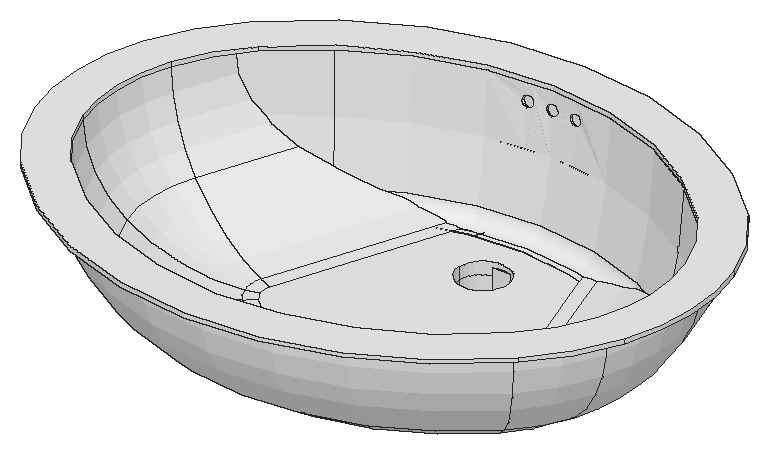
Revit family "Basin-Undermount-American_Standard-Ovalyn-9482000_Series", category Plumbing Fixtures, Revit 2018
Family settings
  Round Connector Dimension = Use Radius
  Part Type = Normal
  OmniClass Number = 23.45.05.14.14
  OmniClass Title = Sinks/Lavatories
  Work Plane-Based = Yes
  Always vertical = No
  Cut with Voids When Loaded = Yes
  Shared = Yes
  Room Calculation Point = No
Parameters (values of type "9482.000.020")
  Width = 19 1/4"
  Waste Connection Radius = 5/8"
  Waste Connection Height = 21 3/4"
  Waste Connection Diameter = Waste Connection Radius * 2  # 1 1/4"
  Waste Connection = yes
  WFU = 2
  Vent Connection = no
  URL = "http://www.americanstandard-us.com"
  Type Comments = ""
  Revised Date = "04/26/2022"  # constant formula
  Product Page URL = "https://www.americanstandard-us.com/Commercial-Undermount-Sinks/Ovalyn-Universal-Access-Undermount-Sink/WHITE-9482000020"
  Product Documentation Link = "https://americanstandard.box.com/shared/static/itva3adt7bid29431zcazen98eizxvuw.pdf"
  Price = "Prices may vary. Please consult Manufacturer Representative for most up-to-date price list."  # constant formula
  Model = "9482.000.020"
  Material = "Vitreous China-American Standard-020-White"
  Manufacturer = "American Standard"  # constant formula
  Length = 15 3/4"
  Installation Type = "Undercounter"  # constant formula
  IAPMO Compliance = "Meets or Exceeds: ASME A112.19.2M for Vitreous China Fixtures, CAN/CSA B45 series, 1995 National Building Code, section 3.7,and CAN/CSA-B651-M90 and OBC 3.7."  # constant formula
  Hot Water Connection Width = 4"
  Hot Water Connection Radius = 1/4"
  Hot Water Connection Height = 23 1/2"
  Hot Water Connection Diameter = Hot Water Connection Radius * 2  # 1/2"
  Height = 5 1/2"
  HWFU = 1.5
  HW Connection = yes
  Finish = Vitreous China-American Standard-020-White
  Faucet Hole Diameter = 1 7/16"
  Description = "Ovalyn Universal Access undercounter sink"  # constant formula
  Default Elevation = 34"  # constant formula
  Creation Date = "30/10/2014"  # constant formula
  Bowl Width = 16 3/4"
  Bowl Length = 13 1/4"
  Cold Water Connection Width = 4"
  Cold Water Connection Radius = 1/4"
  Cold Water Connection Height = Hot Water Connection Height  # 23 1/2"
  Cold Water Connection Diameter = Cold Water Connection Radius * 2  # 1/2"
  CWFU = 1.5
  CW Connection = yes
  Bowl Depth = 4"
  Basin Shape = "Oval"  # constant formula
  Assembly Code = "D2010310"
  ADA Compliant = yes
  047194-0070A- Mounting Kit = yes
Reference planes (in)
  plane 1 "Center (Front/Back)": y = 0
  plane 2: z = 0
  plane 3 "Center (Left/Right)": x = 0
  plane 4: z = -34
  plane 5: y = -2
  plane 6: y = -4.75
  plane 7: y = -18
  plane 8: y = -3.5
  plane 9: y = -19.25
  plane 10: y = -11.375
  plane 11: y = -7.5
  plane 12: x = -9.625
  plane 13: x = 9.625
  plane 14: z = -10.5
  plane 15: x = -4
  plane 16: x = 4
  plane 17: z = -6.25
  plane 18: x = -8.375
  plane 19: x = 8.375
  plane 20: z = -0.875
  plane 21: z = -4.75
  plane 22: z = -2.75
  plane 23: z = 0.25
  plane 24: z = -12.25
  plane 25: y = -6.25
  plane 26: z = -4.75
  plane 27: z = -4.875
Forms (in)
  Extrusion 1, solid, material "Vitreous China-American Standard-020-White" <- "Finish", not visible
    sketch origin (0, 0, -0.75) x (1, 0, 0) y (0, 0, 1)
      loop
        circle (-4, -9.75) r 0.25
      loop
        circle (4, -9.75) r 0.25
      loop
        circle (0.0003499, -11.500652) r 0.625
    from 0 to 0.0625
  Extrusion 2, solid, material "Vitreous China-American Standard-020-White" <- "Finish"
    sketch origin (0, 0, -0.75) x (1, 0, 0) y (0, 1, 0)
      loop
        arc (9.2482739, -9.2367068) -> (8.6512254, -7.9791492) -> (7.8072704, -6.8720548) r 6.7023519
        arc (7.8072704, -6.8720548) -> (0, -3.5) -> (-7.8072704, -6.8720548) r 10.7240582
        arc (-7.8072704, -6.8720548) -> (-8.6512254, -7.9791492) -> (-9.2482739, -9.2367068) r 6.7023519
        arc (-9.2482739, -9.2367068) -> (-9.614469, -11.375) -> (-9.2482739, -13.5132932) r 6.426079
        arc (-9.2482739, -13.5132932) -> (-8.6512254, -14.7708508) -> (-7.8072704, -15.8779452) r 6.7023519
        arc (-7.8072704, -15.8779452) -> (0, -19.25) -> (7.8072704, -15.8779452) r 10.7240582
        arc (7.8072704, -15.8779452) -> (8.6512254, -14.7708508) -> (9.2482739, -13.5132932) r 6.7023519
        arc (9.2482739, -13.5132932) -> (9.614469, -11.375) -> (9.2482739, -9.2367068) r 6.426079
      loop
        arc (-6.8972522, -7.7290069) -> (-7.5838081, -8.6296263) -> (-8.0695061, -9.6526473) r 5.4523519
        arc (-8.0695061, -9.6526473) -> (-8.364469, -11.375) -> (-8.0695061, -13.0973527) r 5.176079
        arc (-8.0695061, -13.0973527) -> (-7.5838081, -14.1203737) -> (-6.8972522, -15.0209931) r 5.4523519
        arc (-6.8972522, -15.0209931) -> (0, -18) -> (6.8972522, -15.0209931) r 9.4740582
        arc (6.8972522, -15.0209931) -> (7.5838081, -14.1203737) -> (8.0695061, -13.0973527) r 5.4523519
        arc (8.0695061, -13.0973527) -> (8.364469, -11.375) -> (8.0695061, -9.6526473) r 5.176079
        arc (8.0695061, -9.6526473) -> (7.5838081, -8.6296263) -> (6.8972522, -7.7290069) r 5.4523519
        arc (6.8972522, -7.7290069) -> (0, -4.75) -> (-6.8972522, -7.7290069) r 9.4740582
    from -0.125 to 0
  Sweep 3, solid, material "Vitreous China-American Standard-020-White" <- "Finish"
    path origin (0, 0, -0.75) x (1, 0, 0) y (0, 1, 0)
      loop
        line (5.8984804, -3.5) -> (8.0695061, -9.6526473)
        arc (8.0695061, -9.6526473) -> (8.364469, -11.375) -> (8.0695061, -13.0973527) r 5.176079
        arc (8.0695061, -13.0973527) -> (7.5838081, -14.1203737) -> (6.8972522, -15.0209931) r 5.4523519
        arc (6.8972522, -15.0209931) -> (0, -18) -> (-6.8972522, -15.0209931) r 9.4740582
        arc (-6.8972522, -15.0209931) -> (-7.5838081, -14.1203737) -> (-8.0695061, -13.0973527) r 5.4523519
        arc (-8.0695061, -13.0973527) -> (-8.364469, -11.375) -> (-8.0695061, -9.6526473) r 5.176079
        line (-8.0695061, -9.6526473) -> (-5.8984804, -3.5)
    profile origin (8.364469, -11.375, -0.75) x (1, 0, 0) y (0, 0, 1)
      loop
        line (-5.0570095, -4.125) -> (-5.0570095, -4.5021978) -> (-4.5570095, -4.5021978)
        arc (-4.5570095, -4.5021978) -> (-2.7076081, -4.1945435) -> (-1.0574115, -3.3047189) r 5.7124777
        arc (-1.0574115, -3.3047189) -> (0.0932602, -1.8956562) -> (0.5107287, -0.125) r 4.0482297
        line (0.5107287, -0.125) -> (0.010531, -0.125)
        arc (0.010531, -0.125) -> (-0.3076131, -1.5255964) -> (-1.1306453, -2.7026708) r 3.7360696
        arc (-1.1306453, -2.7026708) -> (-2.538089, -3.6634173) -> (-4.1837862, -4.1056987) r 5.0893656
        arc (-4.1837862, -4.1056987) -> (-4.3880057, -4.120172) -> (-4.5926805, -4.125) r 4.3408162
        line (-4.5926805, -4.125) -> (-5.0570095, -4.125)
  Sweep 4, solid, material "Vitreous China-American Standard-020-White" <- "Finish"
    path origin (0, 0, -0.75) x (1, 0, 0) y (0, 1, 0)
      loop
        line (-10.1670958, -9.8137926) -> (-5.4740393, -6.491486)
        arc (-5.4740393, -6.491486) -> (0, -4.75) -> (5.4740393, -6.491486) r 9.4740582
        line (5.4740393, -6.491486) -> (10.1670958, -9.8137926)
    profile origin (0, -4.75, -0.75) x (0, 1, 0) y (0, 0, 1)
      loop
        arc (-0.4856749, -3.7148213) -> (-0.6786864, -4.0103651) -> (-1.0125402, -4.125) r 0.5434626
        line (-1.0125402, -4.125) -> (-1.196087, -4.125) -> (-1.196087, -4.4375) -> (-0.9838032, -4.4375)
        arc (-0.9838032, -4.4375) -> (-0.4812744, -4.2652079) -> (-0.1901745, -3.8208199) r 0.8190153
        arc (-0.1901745, -3.8208199) -> (0.1670418, -1.987308) -> (0.3125687, -0.125) r 16.33301
        line (0.3125687, -0.125) -> (0, -0.125)
        arc (0, -0.125) -> (-0.1410457, -1.9336823) -> (-0.4856749, -3.7148213) r 16.02051
  Sweep 5, void
    path origin (0, 0, -0.75) x (1, 0, 0) y (0, 1, 0)
      loop
        line (-10.1670958, -9.8137926) -> (-5.4740393, -6.491486)
        arc (-5.4740393, -6.491486) -> (0, -4.75) -> (5.4740393, -6.491486) r 9.4740582
        line (5.4740393, -6.491486) -> (10.1670958, -9.8137926)
    profile origin (0, -4.75, -0.75) x (0, 1, 0) y (0, 0, 1)
      loop
        line (-1.0514677, -4.4057108) -> (-1.0514677, -5.75) -> (3.1985323, -5.75) -> (3.1985323, -0.125) -> (0.2806397, -0.125)
        arc (0.2806397, -0.125) -> (0.1384875, -1.9361499) -> (-0.2039277, -3.7203089) r 16.33301
        arc (-0.2039277, -3.7203089) -> (-0.5130799, -4.2047415) -> (-1.0514677, -4.4057108) r 0.9058992
  Extrusion 6, solid, material "Vitreous China-American Standard-020-White" <- "Finish"
    sketch origin (0, 0, -0.75) x (1, 0, 0) y (0, 1, 0)
      loop
        circle (0, -7.5) r 0.75
      loop
        arc (-3.3006742, -11.3353794) -> (-3.3074594, -11.375) -> (-3.3006742, -11.4146206) r 0.1190694
        arc (-3.3006742, -11.4146206) -> (-3.2654569, -11.4887984) -> (-3.2156757, -11.5541011) r 0.3953424
        arc (-3.2156757, -11.5541011) -> (0, -12.9429905) -> (3.2156757, -11.5541011) r 4.4170487
        arc (3.2156757, -11.5541011) -> (3.2654569, -11.4887984) -> (3.3006742, -11.4146206) r 0.3953424
        arc (3.3006742, -11.4146206) -> (3.3074594, -11.375) -> (3.3006742, -11.3353794) r 0.1190694
        line (3.3006742, -11.3353794) -> (1.4437765, -6.0729653)
        arc (1.4437765, -6.0729653) -> (0, -5.946087) -> (-1.4437765, -6.0729653) r 8.2779712
        line (-1.4437765, -6.0729653) -> (-3.3006742, -11.3353794)
    from -4.5021978 to -4.125
  Revolve 7, solid, material "Vitreous China-American Standard-020-White" <- "Finish"
    sketch origin (0, -7.5, -0.75) x (1, 0, 0) y (0, 0, 1)
      loop
        line (-0.75, -4.5021978) -> (-1.6759395, -4.5021978) -> (-1.536427, -5.293412)
        arc (-1.536427, -5.293412) -> (-1.450922, -5.4415111) -> (-1.2902251, -5.5) r 0.25
        line (-1.2902251, -5.5) -> (-0.75, -5.5) -> (-0.75, -4.5021978)
      axis (0, -5.5) -> (0, -4.5021978)
    angle from 0 to 360
  Sweep 8, solid, material "Vitreous China-American Standard-020-White" <- "Finish"
    path origin (0, 0, -0.75) x (0, 1, 0) y (0, 0, 1)
      loop
        arc (-4.1249178, -0.125) -> (-4.2138092, -2.0169343) -> (-4.5742571, -3.8763413) r 13.1164451
        arc (-4.5742571, -3.8763413) -> (-5.0585066, -4.5987943) -> (-5.8822188, -4.8779615) r 1.3548084
        line (-5.8822188, -4.8779615) -> (-6.8080633, -4.8779615)
    profile origin (0, -6.345141, -5.6279615) x (0, 0, -1) y (1, 0, 0)
      loop
        line (-0.5989268, -1.125) -> (0.0578333, -1.125)
        arc (0.0578333, -1.125) -> (0.23461, -1.0517767) -> (0.3078333, -0.875) r 0.25
        line (0.3078333, -0.875) -> (0.3078333, 0.875)
        arc (0.3078333, 0.875) -> (0.23461, 1.0517767) -> (0.0578333, 1.125) r 0.25
        line (0.0578333, 1.125) -> (-0.5989268, 1.125) -> (-0.5989268, -1.125)
  Extrusion 9, void
    sketch origin (0, 0, -0.75) x (1, 0, 0) y (0, 0, 1)
      loop
        circle (0, -0.6727263) r 0.1747602
      loop
        circle (0.75, -0.6727263) r 0.1747602
      loop
        circle (-0.75, -0.6727263) r 0.1747602
    from 4.2308345 to 7.0625
  Extrusion 10, void
    sketch origin (0, 0, -0.75) x (1, 0, 0) y (0, 1, 0)
      loop
        arc (-6.8062504, -7.8147021) -> (-7.4770664, -8.6946741) -> (-7.9516294, -9.6942413) r 5.3273519
        arc (-7.9516294, -9.6942413) -> (-8.239469, -11.375) -> (-7.9516294, -13.0557587) r 5.051079
        arc (-7.9516294, -13.0557587) -> (-7.4770664, -14.0553259) -> (-6.8062504, -14.9352979) r 5.3273519
        arc (-6.8062504, -14.9352979) -> (0, -17.875) -> (6.8062504, -14.9352979) r 9.3490582
        arc (6.8062504, -14.9352979) -> (7.4770664, -14.0553259) -> (7.9516294, -13.0557587) r 5.3273519
        arc (7.9516294, -13.0557587) -> (8.239469, -11.375) -> (7.9516294, -9.6942413) r 5.051079
        arc (7.9516294, -9.6942413) -> (7.4770664, -8.6946741) -> (6.8062504, -7.8147021) r 5.3273519
        arc (6.8062504, -7.8147021) -> (0, -4.875) -> (-6.8062504, -7.8147021) r 9.3490582
    from 1 to -5.5
  Sweep 11, void
    path origin (0, 0, -0.75) x (1, 0, 0) y (0, 1, 0)
      loop
        line (5.8984804, -3.5) -> (8.0695061, -9.6526473)
        arc (8.0695061, -9.6526473) -> (8.364469, -11.375) -> (8.0695061, -13.0973527) r 5.176079
        arc (8.0695061, -13.0973527) -> (7.5838081, -14.1203737) -> (6.8972522, -15.0209931) r 5.4523519
        arc (6.8972522, -15.0209931) -> (0, -18) -> (-6.8972522, -15.0209931) r 9.4740582
        arc (-6.8972522, -15.0209931) -> (-7.5838081, -14.1203737) -> (-8.0695061, -13.0973527) r 5.4523519
        arc (-8.0695061, -13.0973527) -> (-8.364469, -11.375) -> (-8.0695061, -9.6526473) r 5.176079
        line (-8.0695061, -9.6526473) -> (-5.8984804, -3.5)
    profile origin (8.364469, -11.375, -0.75) x (1, 0, 0) y (0, 0, 1)
      loop
        line (-5.0570095, -4.5021978) -> (-5.0570095, -5.2521978) -> (4.4429905, -5.2521978) -> (4.4429905, -0.125) -> (0.5107287, -0.125)
        arc (0.5107287, -0.125) -> (0.0932602, -1.8956562) -> (-1.0574115, -3.3047189) r 4.0482297
        arc (-1.0574115, -3.3047189) -> (-2.7076081, -4.1945435) -> (-4.5570095, -4.5021978) r 5.7124777
        line (-4.5570095, -4.5021978) -> (-5.0570095, -4.5021978)
  Extrusion 12, void
    sketch origin (0, 0, 0) x (1, 0, 0) y (0, 1, 0)
      loop
        circle (0, -2) r 0.71875
    from -5.2521978 to 1.677248
Cuts and joins
  Extrusion 9, Sweep 11 cuts Sweep 4
  joined: Sweep 4, Revolve 7
  Sweep 5, Extrusion 9 cuts Sweep 3
  joined: Extrusion 2, Sweep 3, Extrusion 6
Lines and regions (in)
  Masking region 1
    outline origin (0, 0, 0) x (1, 0, 0) y (0, 1, 0)
      loop
        arc (7.8072704, -6.8720548) -> (0, -3.5) -> (-7.8072704, -6.8720548) r 10.7240582
        arc (-7.8072704, -6.8720548) -> (-8.6512254, -7.9791492) -> (-9.2482739, -9.2367068) r 6.7023519
        arc (-9.2482739, -9.2367068) -> (-9.614469, -11.375) -> (-9.2482739, -13.5132932) r 6.426079
        arc (-9.2482739, -13.5132932) -> (-8.6512254, -14.7708508) -> (-7.8072704, -15.8779452) r 6.7023519
        arc (-7.8072704, -15.8779452) -> (0, -19.25) -> (7.8072704, -15.8779452) r 10.7240582
        arc (7.8072704, -15.8779452) -> (8.6512254, -14.7708508) -> (9.2482739, -13.5132932) r 6.7023519
        arc (9.2482739, -13.5132932) -> (9.614469, -11.375) -> (9.2482739, -9.2367068) r 6.426079
        arc (9.2482739, -9.2367068) -> (8.6512254, -7.9791492) -> (7.8072704, -6.8720548) r 6.7023519
  symbolic lines, style "PlumbingFixturesHiddenLines", detail levels medium+fine
    curve 1: arc (-6.8062504, -7.8147021, 0) -> (-7.4770664, -8.6946741, 0) -> (-7.9516294, -9.6942413, 0) r 5.3273519
    curve 2: arc (-7.9516294, -9.6942413, 0) -> (-8.239469, -11.375, 0) -> (-7.9516294, -13.0557587, 0) r 5.051079
    curve 3: arc (-7.9516294, -13.0557587, 0) -> (-7.4770664, -14.0553259, 0) -> (-6.8062504, -14.9352979, 0) r 5.3273519
    curve 4: arc (-6.8062504, -14.9352979, 0) -> (0, -17.875, 0) -> (6.8062504, -14.9352979, 0) r 9.3490582
    curve 5: arc (6.8062504, -14.9352979, 0) -> (7.4770664, -14.0553259, 0) -> (7.9516294, -13.0557587, 0) r 5.3273519
    curve 6: arc (7.9516294, -13.0557587, 0) -> (8.239469, -11.375, 0) -> (7.9516294, -9.6942413, 0) r 5.051079
    curve 7: arc (7.9516294, -9.6942413, 0) -> (7.4770664, -8.6946741, 0) -> (6.8062504, -7.8147021, 0) r 5.3273519
    curve 8: arc (6.8062504, -7.8147021, 0) -> (0, -4.875, 0) -> (-6.8062504, -7.8147021, 0) r 9.3490582
  symbolic lines, style "PlumbingFixturesHiddenLines", detail levels fine
    curve 9: circle (0, -7.5, 0) r 0.75 normal (0, 0, -1)
Dimensions and locks (in)
  "Bowl Length": plane 6 to plane 7
  "Length": plane 8 to plane 9
  "Width": plane 12 to plane 13
  plane 2 to plane 24 = 12 1/4"
  plane 2 to plane 14 = 10 1/2"
  "Bowl Width": plane 18 to plane 19
  plane 5 to plane 1 "Center (Front/Back)" = 2"
  plane 5 to plane 6 = 2 3/4"
  plane 5 to plane 11 = 5 1/2"
  "Default Elevation": level to plane 4
  "Cold Water Connection Height": plane 14 to plane 4
  "Waste Connection Height": plane 24 to plane 4
  level to plane 17 = 6 1/4"
  cut or joined group of Extrusion 2, Sweep 3, Sweep 5, Extrusion 6, Extrusion 9 to plane 17 = 5 1/2"
  cut or joined group of Extrusion 2, Sweep 3, Sweep 5, Extrusion 6, Extrusion 9 to cut or joined group of Extrusion 2, Sweep 3, Sweep 5, Extrusion 6, Extrusion 9 = 1/8"
  "Bowl Depth": cut or joined group of Extrusion 2, Sweep 3, Sweep 5, Extrusion 6, Extrusion 9 to plane 27
  "Faucet Hole Diameter": diameter of Extrusion 12 sketch curve
  aligned and locked: plane 5 to Extrusion 12 sketch curve
  aligned and locked: plane 3 "Center (Left/Right)" to Extrusion 12 sketch curve
  aligned and locked: Masking region 1 sketch curve to cut or joined group of Extrusion 2, Sweep 3, Sweep 5, Extrusion 6, Extrusion 9
Automatic sketch dimensions
  Extrusion 1 sketch curve to plane 14 = 0"  (x2)
  plane 15 to Extrusion 1 sketch curve = 0"
  Extrusion 1 sketch curve to plane 16 = 0"
  plane 3 "Center (Left/Right)" to Extrusion 1 sketch curve = 0.00035"
  plane 24 to Extrusion 1 sketch curve = 0.00065"
  Extrusion 2 sketch curve to Extrusion 2 sketch curve = 0"  (x30)
  Extrusion 2 sketch curve to plane 10 = 0"  (x2)
  Extrusion 2 sketch curve to plane 3 "Center (Left/Right)" = 0"  (x2)
  plane 10 to Extrusion 2 sketch curve = 0.09193"  (x2)
  Extrusion 2 sketch curve to plane 15 = 1.07214"
  Extrusion 2 sketch curve to plane 10 = 0.09193"  (x2)
  Extrusion 2 sketch curve to Extrusion 2 sketch curve = 0.26053"  (x2)
  Extrusion 2 sketch curve to plane 16 = 1.07214"
  Extrusion 2 sketch curve to plane 10 = 2.84906"
  Extrusion 2 sketch curve to plane 11 = 1.02594"
  Extrusion 2 sketch curve to plane 11 = 0.22901"
  plane 18 to Extrusion 2 sketch curve = 1.47775"
  plane 18 to Extrusion 2 sketch curve = 0.56773"  (x2)
  Sweep 3 sketch curve to plane 8 = 0"  (x2)
  Sweep 3 sketch curve to plane 10 = 0"  (x2)
  Sweep 3 sketch curve to plane 3 "Center (Left/Right)" = 0"
  plane 10 to Sweep 3 sketch curve = 0.09193"  (x2)
  Sweep 3 sketch curve to plane 15 = 1.07214"
  Sweep 3 sketch curve to Sweep 3 sketch curve = 0.26053"  (x2)
  plane 18 to Sweep 3 sketch curve = 0.30549"
  Sweep 3 sketch curve to plane 16 = 1.07214"
  plane 19 to Sweep 3 sketch curve = 0.30549"
  plane 10 to Sweep 3 sketch curve = 1.72235"  (x2)
  plane 10 to Sweep 3 sketch curve = 2.84906"
  plane 15 to Sweep 3 sketch curve = 1.89848"
  plane 18 to Sweep 3 sketch curve = 1.47775"
  Sweep 3 sketch curve to Sweep 3 sketch curve = 0"  (x3)
  plane 16 to Sweep 3 sketch curve = 1.89848"
  Sweep 3 sketch curve to plane 21 = 0.5022"
  profile plane to Sweep 3 sketch curve = 5.05701"
  profile plane to Sweep 3 sketch curve = 0.96104"
  profile plane to Sweep 3 sketch curve = 4.66319"
  profile plane to Sweep 3 sketch curve = 0.21582"
  Sweep 3 sketch curve to Sweep 3 sketch curve = 0.07051"
  Sweep 3 sketch curve to Sweep 3 sketch curve = 0.03567"
  Sweep 3 sketch curve to profile plane = 0.01317"
  Sweep 3 sketch curve to Sweep 3 sketch curve = 0.86882"
  Sweep 3 sketch curve to profile plane = 0.1051"
  Sweep 3 sketch curve to Sweep 3 sketch curve = 0.18641"
  Sweep 3 sketch curve to profile plane = 0.01053"
  Sweep 3 sketch curve to profile plane = 1/8"
  Sweep 3 sketch curve to Sweep 3 sketch curve = 0.5002"
  Sweep 3 sketch curve to plane 21 = 1/8"
  Sweep 3 sketch curve to Sweep 3 sketch curve = 0.24924"
  Sweep 4 sketch curve to plane 3 "Center (Left/Right)" = 0"
  Sweep 4 sketch curve to plane 25 = 0.24149"  (x2)
  plane 15 to Sweep 4 sketch curve = 1.47404"
  Sweep 4 sketch curve to plane 10 = 2.84906"
  Sweep 4 sketch curve to plane 12 = 0.5421"
  Sweep 4 sketch curve to plane 13 = 0.5421"
  plane 10 to Sweep 4 sketch curve = 1.56121"  (x2)
  Sweep 4 sketch curve to Sweep 4 sketch curve = 0"  (x2)
  Sweep 4 sketch curve to profile plane = 0"
  profile plane to Sweep 4 sketch curve = 0.9838"
  Sweep 4 sketch curve to Sweep 4 sketch curve = 0.02874"
  Sweep 4 sketch curve to Sweep 4 sketch curve = 0.18355"
  profile plane to Sweep 4 sketch curve = 0.2142"
  Sweep 4 sketch curve to Sweep 4 sketch curve = 14.82083"
  Sweep 4 sketch curve to profile plane = 1/8"
  Sweep 4 sketch curve to Sweep 4 sketch curve = 0.31257"
  Sweep 4 sketch curve to profile plane = 3.58154"
  Sweep 4 sketch curve to Sweep 4 sketch curve = 0.03695"
  Sweep 4 sketch curve to Sweep 4 sketch curve = 0.50652"
  Sweep 4 sketch curve to Sweep 4 sketch curve = 5/16"
  Sweep 5 sketch curve to plane 3 "Center (Left/Right)" = 0"
  Sweep 5 sketch curve to plane 25 = 0.24149"  (x2)
  plane 15 to Sweep 5 sketch curve = 1.47404"
  Sweep 5 sketch curve to plane 10 = 2.84906"
  Sweep 5 sketch curve to plane 12 = 0.5421"
  Sweep 5 sketch curve to plane 13 = 0.5421"
  plane 10 to Sweep 5 sketch curve = 1.56121"  (x2)
  profile plane to Sweep 5 sketch curve = 0.24545"
  profile plane to Sweep 5 sketch curve = 16.04817"
  profile plane to Sweep 5 sketch curve = 1.08272"
  profile plane to Sweep 5 sketch curve = 1.05147"
  Sweep 5 sketch curve to profile plane = 1/8"
  Sweep 5 sketch curve to profile plane = 0.28064"
  Sweep 5 sketch curve to profile plane = 3.19853"
  Sweep 5 sketch curve to profile plane = 3.50035"
  Sweep 5 sketch curve to Sweep 5 sketch curve = 0.90536"
  Sweep 5 sketch curve to Sweep 5 sketch curve = 2.02969"
  Extrusion 6 sketch curve to plane 10 = 0"  (x2)
  Extrusion 6 sketch curve to plane 3 "Center (Left/Right)" = 0"  (x3)
  Extrusion 6 sketch curve to plane 11 = 0"
  plane 25 to Extrusion 6 sketch curve = 0.17703"  (x2)
  Extrusion 6 sketch curve to plane 3 "Center (Left/Right)" = 1.44378"
  plane 10 to Extrusion 6 sketch curve = 0.09193"  (x2)
  Extrusion 6 sketch curve to plane 15 = 1.07214"
  Extrusion 6 sketch curve to Extrusion 6 sketch curve = 0.26053"  (x2)
  plane 10 to Extrusion 6 sketch curve = 0.03962"  (x2)
  Extrusion 6 sketch curve to Extrusion 6 sketch curve = 0.11228"  (x2)
  Extrusion 6 sketch curve to plane 16 = 1.07214"
  Extrusion 6 sketch curve to plane 10 = 2.84906"
  Extrusion 6 sketch curve to plane 11 = 1.02594"
  Extrusion 6 sketch curve to Extrusion 6 sketch curve = 0.085"
  Extrusion 6 sketch curve to Extrusion 6 sketch curve = 0"  (x2)
  Revolve 7 sketch curve to plane 17 = 0"
  Revolve 7 sketch curve to plane 3 "Center (Left/Right)" = 0"
  Revolve 7 sketch curve to plane 3 "Center (Left/Right)" = 3/4"
  Revolve 7 sketch curve to Revolve 7 sketch curve = 0.54023"
  plane 17 to Revolve 7 sketch curve = 0.20659"
  Revolve 7 sketch curve to Revolve 7 sketch curve = 0.2462"
  Revolve 7 sketch curve to Revolve 7 sketch curve = 0.13951"
  Revolve 7 sketch curve to plane 23 = 0.11631"
  plane 23 to Revolve 7 sketch curve = 0.63369"
  Sweep 8 sketch curve to plane 20 = 0"
  Sweep 8 sketch curve to plane 20 = 0.33198"
  plane 7 to Sweep 8 sketch curve = 0.76284"
  plane 25 to Sweep 8 sketch curve = 0.36778"
  Sweep 8 sketch curve to plane 25 = 0.55806"
  Sweep 8 sketch curve to Sweep 8 sketch curve = 0"
  profile plane to Sweep 8 sketch curve = 0.59893"
  Sweep 8 sketch curve to profile plane = 0.05783"  (x2)
  Sweep 8 sketch curve to Sweep 8 sketch curve = 1/4"
  Sweep 8 sketch curve to profile plane = 1 1/8"
  profile plane to Sweep 8 sketch curve = 7/8"
  Extrusion 9 sketch curve to plane 3 "Center (Left/Right)" = 0"
  Extrusion 9 sketch curve to plane 3 "Center (Left/Right)" = 3/4"
  Extrusion 9 sketch curve to Extrusion 9 sketch curve = 3/4"
  Extrusion 9 sketch curve to plane 20 = 0.54773"  (x3)
  Sweep 11 sketch curve to plane 8 = 0"  (x2)
  Sweep 11 sketch curve to plane 10 = 0"  (x2)
  Sweep 11 sketch curve to plane 3 "Center (Left/Right)" = 0"
  plane 10 to Sweep 11 sketch curve = 0.09193"  (x2)
  Sweep 11 sketch curve to plane 15 = 1.07214"
  Sweep 11 sketch curve to Sweep 11 sketch curve = 0.26053"  (x2)
  plane 18 to Sweep 11 sketch curve = 0.30549"
  Sweep 11 sketch curve to plane 16 = 1.07214"
  plane 19 to Sweep 11 sketch curve = 0.30549"
  plane 10 to Sweep 11 sketch curve = 1.72235"  (x2)
  plane 10 to Sweep 11 sketch curve = 2.84906"
  plane 15 to Sweep 11 sketch curve = 1.89848"
  plane 18 to Sweep 11 sketch curve = 1.47775"
  Sweep 11 sketch curve to Sweep 11 sketch curve = 0"  (x2)
  plane 16 to Sweep 11 sketch curve = 1.89848"
  Sweep 11 sketch curve to plane 26 = 1.2522"
  profile plane to Sweep 11 sketch curve = 5.05701"
  Sweep 11 sketch curve to Sweep 11 sketch curve = 1/2"
  Sweep 11 sketch curve to profile plane = 0.1051"
  Sweep 11 sketch curve to Sweep 11 sketch curve = 1.01956"
  Sweep 11 sketch curve to profile plane = 1/8"
  Sweep 11 sketch curve to profile plane = 0.51073"
  Sweep 11 sketch curve to profile plane = 4.44299"
  Sweep 11 sketch curve to plane 26 = 0.5022"
  profile plane to Sweep 11 sketch curve = 1.21028"
  Extrusion 10 sketch curve to plane 10 = 0.09193"  (x2)
  Extrusion 10 sketch curve to Extrusion 10 sketch curve = 0"  (x9)
  Extrusion 10 sketch curve to plane 3 "Center (Left/Right)" = 0"  (x2)
  plane 7 to Extrusion 10 sketch curve = 3.77594"
  plane 18 to Extrusion 10 sketch curve = 1.56875"
  Extrusion 10 sketch curve to plane 10 = 0"  (x2)
  Extrusion 10 sketch curve to Extrusion 10 sketch curve = 0.26053"  (x2)
  Extrusion 10 sketch curve to Extrusion 10 sketch curve = 0.18386"
  Extrusion 10 sketch curve to plane 15 = 0.81161"
  plane 10 to Extrusion 10 sketch curve = 2.84906"
  Extrusion 10 sketch curve to plane 16 = 1.07214"
  plane 10 to Extrusion 10 sketch curve = 0.09193"
  Revolve 7 sketch curve to plane 27 = 0.3772"
  plane 27 to Sweep 8 sketch curve = 0.60185"
  plane 17 to Sweep 8 sketch curve = 0.62204"
  plane 18 to Masking region 1 sketch curve = 0.56773"  (x2)
  plane 19 to Masking region 1 sketch curve = 0.56773"  (x2)
  Masking region 1 sketch curve to plane 10 = 0.09193"
  Masking region 1 sketch curve to Masking region 1 sketch curve = 0"  (x6)
  plane 13 to Masking region 1 sketch curve = 0.37673"  (x2)
  Masking region 1 sketch curve to plane 10 = 0"  (x2)
  Masking region 1 sketch curve to plane 3 "Center (Left/Right)" = 0"
  plane 10 to Masking region 1 sketch curve = 0.09193"  (x2)
  Masking region 1 sketch curve to plane 11 = 1.02594"
  plane 12 to Masking region 1 sketch curve = 0.37673"  (x2)
  curve 2 to plane 10 = 0"
  curve 4 to plane 3 "Center (Left/Right)" = 0"
  curve 9 to plane 3 "Center (Left/Right)" = 0"
  curve 8 to plane 3 "Center (Left/Right)" = 0"
  curve 6 to plane 10 = 0"
  curve 9 to plane 11 = 0"
  curve 1 to plane 10 = 0.09193"
  curve 1 to plane 15 = 1.07214"
  plane 10 to curve 3 = 0.09193"
  curve 3 to curve 1 = 0"
  curve 2 to curve 1 = 0.26053"
  curve 7 to plane 10 = 0.09193"
  curve 7 to plane 16 = 1.07214"
  plane 10 to curve 5 = 0.09193"
  curve 5 to curve 7 = 0"
  curve 7 to curve 6 = 0.26053"
  plane 7 to curve 8 = 3.77594"
  curve 4 to curve 9 = 1.02594"
  plane 18 to curve 4 = 1.56875"
  curve 1 to plane 11 = 0.3147"
  curve 3 to curve 4 = 0"
  curve 8 to curve 1 = 0"
  curve 2 to curve 3 = 0"
  curve 5 to curve 4 = 0"
  curve 7 to curve 8 = 0"
  curve 6 to curve 5 = 0"
  radius of Extrusion 1 sketch curve = 1/4"  (x2)
  radius of Extrusion 1 sketch curve = 5/8"
  radius of Extrusion 6 sketch curve = 3/4"
  radius of Extrusion 9 sketch curve = 0.17476"  (x3)
  radius of curve 9 = 3/4"
Connectors (in)
  piping at (-4, 0, -10.5), diameter 0.5, driven by "Hot Water Connection Radius", driven by "HWFU"
    settings: on Extrusion 1, index 4, connector inside diameter 1/2", connector length 0", flow factor 0, pipe flow 0 GPM, pressure drop 0.00 psi, fitting loss kfactor 0, connector angle 0.00°, fixture units 1.5, engagement length 0", angle of deflection 0.00°, flow configuration 3, flow direction 1, fitting loss method 0, system type 19, joint type 0, gender type 0, connector reference index -1, connector utility 0, adjustable connector no, is connector primary yes, connector description "1/2\" HW Supply Inlet"
  piping at (0.0003499, 0, -12.250652), diameter 1.25, driven by "Waste Connection Radius", driven by "WFU"
    settings: on Extrusion 1, index 5, connector inside diameter 1 1/4", connector length 0", flow factor 0, pipe flow 0 GPM, pressure drop 0.00 psi, fitting loss kfactor 0, connector angle 0.00°, fixture units 2, engagement length 0", angle of deflection 0.00°, flow configuration 3, flow direction 2, fitting loss method 0, system type 16, joint type 0, gender type 0, connector reference index -1, connector utility 0, adjustable connector yes, is connector primary no, connector description "1-1/4\" Waste Outlet"
  piping at (4, 0, -10.5), diameter 0.5, driven by "Cold Water Connection Radius", driven by "CWFU"
    settings: on Extrusion 1, index 6, connector inside diameter 1/2", connector length 0", flow factor 0, pipe flow 0 GPM, pressure drop 0.00 psi, fitting loss kfactor 0, connector angle 0.00°, fixture units 1.5, engagement length 0", angle of deflection 0.00°, flow configuration 3, flow direction 1, fitting loss method 0, system type 20, joint type 0, gender type 0, connector reference index -1, connector utility 0, adjustable connector no, is connector primary no, connector description "1/2\" CW Supply Inlet"
